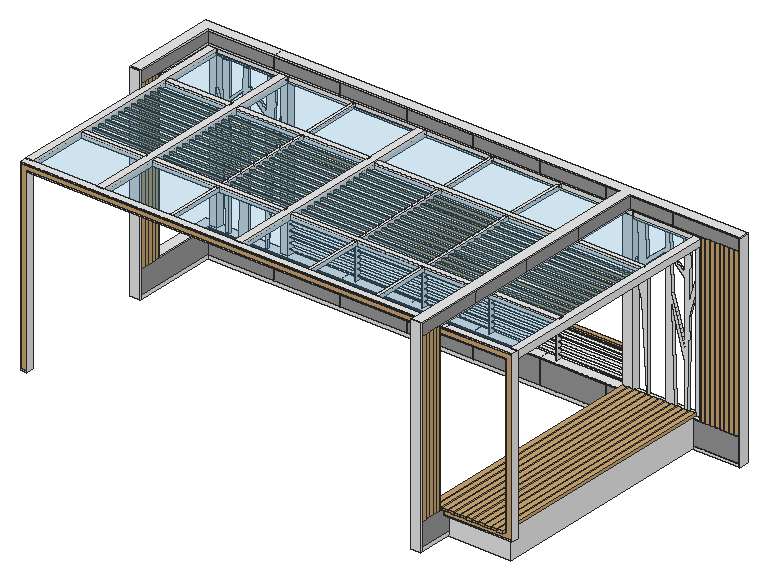
Revit family "L-FUR_퍼걸러_DWTH-01_데오스웍스", category 일반 모델, Revit 2019 (continued)
Definition of nested family "DWTH-01_base"
  Forms (mm)
    Extrusion 78, solid, detail levels coarse+medium
      sketch origin (-1609.275, -10316.376, 0) x (1, 0, 0) y (0, 1, 0)
        loop
          line (4939.278, 9131.376) -> (4939.278, 9101.376) -> (5884.279, 9101.376) -> (5884.279, 9131.376) -> (4939.278, 9131.376)
        loop
          line (4939.278, 9011.376) -> (4939.278, 8981.376) -> (5884.279, 8981.376) -> (5884.279, 9011.376) -> (4939.278, 9011.376)
        loop
          line (4939.278, 8891.376) -> (4939.278, 8861.376) -> (5884.279, 8861.376) -> (5884.279, 8891.376) -> (4939.278, 8891.376)
        loop
          line (4939.278, 8771.376) -> (4939.278, 8741.376) -> (5884.279, 8741.376) -> (5884.279, 8771.376) -> (4939.278, 8771.376)
        loop
          line (5884.279, 8651.376) -> (4939.278, 8651.376) -> (4939.278, 8621.376) -> (5884.279, 8621.376) -> (5884.279, 8651.376)
        loop
          line (4939.278, 8531.376) -> (4939.278, 8501.376) -> (5884.279, 8501.376) -> (5884.279, 8531.376) -> (4939.278, 8531.376)
        loop
          line (4939.278, 8411.376) -> (4939.278, 8381.376) -> (5884.279, 8381.376) -> (5884.279, 8411.376) -> (4939.278, 8411.376)
        loop
          line (4939.278, 8291.376) -> (4939.278, 8261.376) -> (5884.279, 8261.376) -> (5884.279, 8291.376) -> (4939.278, 8291.376)
        loop
          line (4939.278, 8171.376) -> (4939.278, 8141.376) -> (5884.279, 8141.376) -> (5884.279, 8171.376) -> (4939.278, 8171.376)
        loop
          line (4939.278, 8051.376) -> (4939.278, 8021.376) -> (5884.279, 8021.376) -> (5884.279, 8051.376) -> (4939.278, 8051.376)
        loop
          line (4939.278, 7931.376) -> (4939.278, 7901.376) -> (5884.279, 7901.376) -> (5884.279, 7931.376) -> (4939.278, 7931.376)
        loop
          line (5929.279, 9131.376) -> (5929.279, 9101.376) -> (6874.279, 9101.376) -> (6874.279, 9131.376) -> (5929.279, 9131.376)
        loop
          line (5929.279, 9011.376) -> (5929.279, 8981.376) -> (6874.279, 8981.376) -> (6874.279, 9011.376) -> (5929.279, 9011.376)
        loop
          line (5929.279, 8891.376) -> (5929.279, 8861.376) -> (6874.279, 8861.376) -> (6874.279, 8891.376) -> (5929.279, 8891.376)
        loop
          line (5929.279, 8771.376) -> (5929.279, 8741.376) -> (6874.279, 8741.376) -> (6874.279, 8771.376) -> (5929.279, 8771.376)
        loop
          line (6874.279, 8651.376) -> (5929.279, 8651.376) -> (5929.279, 8621.376) -> (6874.279, 8621.376) -> (6874.279, 8651.376)
        loop
          line (5929.279, 8531.376) -> (5929.279, 8501.376) -> (6874.279, 8501.376) -> (6874.279, 8531.376) -> (5929.279, 8531.376)
        loop
          line (5929.279, 8411.376) -> (5929.279, 8381.376) -> (6874.279, 8381.376) -> (6874.279, 8411.376) -> (5929.279, 8411.376)
        loop
          line (5929.279, 8291.376) -> (5929.279, 8261.376) -> (6874.279, 8261.376) -> (6874.279, 8291.376) -> (5929.279, 8291.376)
        loop
          line (5929.279, 8171.376) -> (5929.279, 8141.376) -> (6874.279, 8141.376) -> (6874.279, 8171.376) -> (5929.279, 8171.376)
        loop
          line (5929.279, 8051.376) -> (5929.279, 8021.376) -> (6874.279, 8021.376) -> (6874.279, 8051.376) -> (5929.279, 8051.376)
        loop
          line (5929.279, 7931.376) -> (5929.279, 7901.376) -> (6874.279, 7901.376) -> (6874.279, 7931.376) -> (5929.279, 7931.376)
        loop
          line (6919.279, 9131.376) -> (6919.279, 9101.376) -> (7914.274, 9101.376) -> (8909.275, 9101.376) -> (8909.275, 9131.376) -> (7914.274, 9131.376) -> (6919.279, 9131.376)
        loop
          line (6919.279, 9011.376) -> (6919.279, 8981.376) -> (7913.946, 8981.376) -> (8909.275, 8981.376) -> (8909.275, 9011.376) -> (7903.821, 9011.376) -> (6919.279, 9011.376)
        loop
          line (6919.279, 8891.376) -> (6919.279, 8861.376) -> (7914.274, 8861.376) -> (8909.275, 8861.376) -> (8909.275, 8891.376) -> (7914.274, 8891.376) -> (6919.279, 8891.376)
        loop
          line (6919.279, 8771.376) -> (6919.279, 8741.376) -> (7882.765, 8741.376) -> (8909.275, 8741.376) -> (8909.275, 8771.376) -> (7870.616, 8771.376) -> (6919.279, 8771.376)
        loop
          line (7868.591, 8651.376) -> (6919.279, 8651.376) -> (6919.279, 8621.376) -> (7862.516, 8621.376) -> (8909.275, 8621.376) -> (8909.275, 8651.376) -> (7868.591, 8651.376)
        loop
          line (6919.279, 8531.376) -> (6919.279, 8501.376) -> (7907.871, 8501.376) -> (8909.275, 8501.376) -> (8909.275, 8531.376) -> (7868.591, 8531.376) -> (6919.279, 8531.376)
        loop
          line (6919.279, 8411.376) -> (6919.279, 8381.376) -> (7914.274, 8381.376) -> (8909.275, 8381.376) -> (8909.275, 8411.376) -> (7914.274, 8411.376) -> (6919.279, 8411.376)
        loop
          line (6919.279, 8291.376) -> (6919.279, 8261.376) -> (7880.74, 8261.376) -> (8909.275, 8261.376) -> (8909.275, 8291.376) -> (7884.79, 8291.376) -> (6919.279, 8291.376)
        loop
          line (6919.279, 8171.376) -> (6919.279, 8141.376) -> (7856.442, 8141.376) -> (8909.275, 8141.376) -> (8909.275, 8171.376) -> (7860.491, 8171.376) -> (6919.279, 8171.376)
        loop
          line (6919.279, 8051.376) -> (6919.279, 8021.376) -> (7878.715, 8021.376) -> (8909.275, 8021.376) -> (8909.275, 8051.376) -> (7872.641, 8051.376) -> (6919.279, 8051.376)
        loop
          line (6919.279, 7931.376) -> (6919.279, 7901.376) -> (7939.381, 7901.376) -> (8909.275, 7901.376) -> (8909.275, 7931.376) -> (7914.274, 7931.376) -> (6919.279, 7931.376)
      from 2730 to 2760
    Extrusion 79, solid, detail levels coarse+medium
      sketch origin (-1609.275, -10316.376, 0) x (1, 0, 0) y (0, 1, 0)
        loop
          line (3849.277, 10216.376) -> (3849.277, 9326.376) -> (3894.277, 9326.376) -> (3894.277, 10216.376) -> (3849.277, 10216.376)
        loop
          line (3849.277, 9251.376) -> (3849.277, 7781.376) -> (3894.277, 7781.376) -> (3894.277, 9251.376) -> (3849.277, 9251.376)
        loop
          line (3849.277, 7706.376) -> (3849.277, 6816.376) -> (3894.277, 6816.376) -> (3894.277, 7706.376) -> (3849.277, 7706.376)
        loop
          line (5884.279, 10216.376) -> (5884.279, 9326.376) -> (5929.279, 9326.376) -> (5929.279, 10216.376) -> (5884.279, 10216.376)
        loop
          line (5884.279, 9251.376) -> (5884.279, 7781.376) -> (5929.279, 7781.376) -> (5929.279, 9251.376) -> (5884.279, 9251.376)
        loop
          line (5884.279, 7706.376) -> (5884.279, 6816.376) -> (5929.279, 6816.376) -> (5929.279, 7706.376) -> (5884.279, 7706.376)
        loop
          line (6874.279, 10216.376) -> (6874.279, 9326.376) -> (6919.279, 9326.376) -> (6919.279, 10216.376) -> (6874.279, 10216.376)
        loop
          line (6874.279, 9251.376) -> (6874.279, 7781.376) -> (6919.279, 7781.376) -> (6919.279, 9251.376) -> (6874.279, 9251.376)
        loop
          line (6874.279, 7706.376) -> (6874.279, 6816.376) -> (6919.279, 6816.376) -> (6919.279, 7706.376) -> (6874.279, 7706.376)
      from 2720 to 2770
    Extrusion 80, solid, detail levels coarse+medium
      sketch origin (-1609.275, -10366.376, 0) x (1, 0, 0) y (0, 0, 1)
        loop
          line (8999.275, 2790) -> (8007.601, 2790) -> (1769.275, 2790) -> (1769.275, 60) -> (1849.275, 60) -> (1849.275, 2710) -> (8006.781, 2710) -> (8919.275, 2710) -> (8919.275, 410) -> (7999.275, 410) -> (7999.275, 330) -> (8999.275, 330) -> (8999.275, 2790)
      from -6866.376 to -6766.376
    Extrusion 81, solid, detail levels coarse+medium
      sketch origin (-1609.275, -10366.376, 0) x (1, 0, 0) y (0, 0, 1)
        loop
          line (1849.275, 60) -> (1849.275, 2710) -> (8006.781, 2710) -> (8919.275, 2710) -> (8919.275, 410) -> (7999.275, 410) -> (7999.275, 330) -> (8999.275, 330) -> (8999.275, 2790) -> (8007.601, 2790) -> (1769.275, 2790) -> (1769.275, 60) -> (1849.275, 60)
        loop
          line (8017.781, 2700) -> (8909.275, 2700) -> (8909.275, 450) -> (8909.275, 420) -> (7989.275, 420) -> (7989.275, 320) -> (9009.275, 320) -> (9009.275, 2800) -> (8019.067, 2800) -> (1759.275, 2800) -> (1759.275, 50) -> (1859.275, 50) -> (1859.275, 2700) -> (8017.781, 2700)
      from -6866.376 to -6766.376
    Extrusion 82, solid, detail levels coarse+medium
      sketch origin (-1609.275, -10366.376, 0) x (1, 0, 0) y (0, 0, 1)
        loop
          line (2804.275, 2022.738) -> (2804.275, 2230.402) -> (2704.43, 1936.04) -> (2747.484, 2700) -> (2622.809, 2700) -> (2605.161, 2230.845) -> (2333.523, 2455.294) -> (2333.523, 2700) -> (2264.054, 2700) -> (2254.593, 2397.093) -> (2054.262, 2218.476) -> (2056.398, 2700) -> (1963.85, 2700) -> (1975.3, 1899.666) -> (1859.275, 2281.536) -> (1859.275, 2095.215) -> (1978.555, 1672.126) -> (1997.899, 420.037) -> (2002.428, 420) -> (2045.839, 420) -> (2049.089, 1052.566) -> (2233.87, 1733.628) -> (2189.717, 420) -> (2333.523, 420) -> (2333.523, 2400.834) -> (2601.869, 2143.325) -> (2595.761, 1980.949) -> (2595.761, 420) -> (2613.356, 420) -> (2687.879, 1642.36) -> (2804.275, 2022.738)
        loop
          line (2238.845, 1892.889) -> (2253.465, 2360.968) -> (2053.982, 2155.362) -> (2049.932, 1242.544) -> (2238.845, 1892.889)
      from -10281.278 to -10250.343
    Extrusion 83, solid, detail levels coarse+medium
      sketch origin (-1609.275, -10366.376, 0) x (1, 0, 0) y (0, 1, 0)
        loop
          line (1759.275, 10366.376) -> (1759.275, 10266.376) -> (1859.275, 10266.376) -> (1859.275, 10366.376) -> (1759.275, 10366.376)
      from 420 to 2830
    Extrusion 84, solid, detail levels coarse+medium
      sketch origin (5540.725, -10366.376, 0) x (1, 0, 0) y (0, 1, 0)
        loop
          line (1759.275, 10366.376) -> (1759.275, 10266.376) -> (1859.275, 10266.376) -> (1859.275, 10366.376) -> (1759.275, 10366.376)
      from 420 to 2830
    Extrusion 85, solid, detail levels coarse+medium
      sketch origin (4490.725, -10366.376, 0) x (1, 0, 0) y (0, 1, 0)
        loop
          line (1739.275, 10366.376) -> (1739.275, 10266.376) -> (1889.275, 10266.376) -> (1889.275, 10366.376) -> (1739.275, 10366.376)
      from 420 to 2830
    Extrusion 86, solid, detail levels coarse+medium
      sketch origin (-1609.275, -10366.376, 0) x (1, 0, 0) y (0, 0, 1)
        loop
          line (2904.276, 920) -> (2904.276, 910) -> (3886.275, 910) -> (3886.275, 420) -> (3896.275, 420) -> (3896.275, 910) -> (4873.276, 910) -> (4873.276, 420) -> (4883.276, 420) -> (4883.276, 910) -> (5860.277, 910) -> (5860.277, 420) -> (5870.277, 420) -> (5870.277, 910) -> (6847.277, 910) -> (6847.277, 420) -> (6857.277, 420) -> (6857.277, 910) -> (7839.275, 910) -> (7839.275, 920) -> (2904.276, 920)
      from -10356.376 to -10276.376
    Extrusion 87, solid, detail levels coarse+medium
      sketch origin (-1609.275, -10366.376, 0) x (1, 0, 0) y (0, 0, 1)
        loop
          line (2904.275, 832.5) -> (2904.275, 827.5) -> (3886.275, 827.5) -> (3886.275, 832.5) -> (2904.275, 832.5)
        loop
          line (2904.275, 750) -> (2904.275, 745) -> (3886.275, 745) -> (3886.275, 750) -> (2904.275, 750)
        loop
          line (2904.275, 667.5) -> (2904.275, 662.5) -> (3886.275, 662.5) -> (3886.275, 667.5) -> (2904.275, 667.5)
        loop
          line (2904.275, 585) -> (2904.275, 580) -> (3886.275, 580) -> (3886.275, 585) -> (2904.275, 585)
        loop
          line (2904.275, 502.5) -> (2904.275, 497.5) -> (3886.275, 497.5) -> (3886.275, 502.5) -> (2904.275, 502.5)
        loop
          line (3896.275, 832.5) -> (3896.275, 827.5) -> (4873.276, 827.5) -> (4873.276, 832.5) -> (3896.275, 832.5)
        loop
          line (3896.275, 750) -> (3896.275, 745) -> (4873.276, 745) -> (4873.276, 750) -> (3896.275, 750)
        loop
          line (3896.275, 667.5) -> (3896.275, 662.5) -> (4873.276, 662.5) -> (4873.276, 667.5) -> (3896.275, 667.5)
        loop
          line (3896.275, 585) -> (3896.275, 580) -> (4873.276, 580) -> (4873.276, 585) -> (3896.275, 585)
        loop
          line (3896.275, 502.5) -> (3896.275, 497.5) -> (4873.276, 497.5) -> (4873.276, 502.5) -> (3896.275, 502.5)
        loop
          line (4883.276, 832.5) -> (4883.276, 827.5) -> (5860.277, 827.5) -> (5860.277, 832.5) -> (4883.276, 832.5)
        loop
          line (4883.276, 750) -> (4883.276, 745) -> (5860.277, 745) -> (5860.277, 750) -> (4883.276, 750)
        loop
          line (4883.276, 667.5) -> (4883.276, 662.5) -> (5860.277, 662.5) -> (5860.277, 667.5) -> (4883.276, 667.5)
        loop
          line (4883.276, 585) -> (4883.276, 580) -> (5860.277, 580) -> (5860.277, 585) -> (4883.276, 585)
        loop
          line (4883.276, 502.5) -> (4883.276, 497.5) -> (5860.277, 497.5) -> (5860.277, 502.5) -> (4883.276, 502.5)
        loop
          line (5870.277, 832.5) -> (5870.277, 827.5) -> (6847.277, 827.5) -> (6847.277, 832.5) -> (5870.277, 832.5)
        loop
          line (5870.277, 750) -> (5870.277, 745) -> (6847.277, 745) -> (6847.277, 750) -> (5870.277, 750)
        loop
          line (5870.277, 667.5) -> (5870.277, 662.5) -> (6847.277, 662.5) -> (6847.277, 667.5) -> (5870.277, 667.5)
        loop
          line (5870.277, 585) -> (5870.277, 580) -> (6847.277, 580) -> (6847.277, 585) -> (5870.277, 585)
        loop
          line (5870.277, 502.5) -> (5870.277, 497.5) -> (6847.277, 497.5) -> (6847.277, 502.5) -> (5870.277, 502.5)
        loop
          line (6857.277, 832.5) -> (6857.277, 827.5) -> (7839.275, 827.5) -> (7839.275, 832.5) -> (6857.277, 832.5)
        loop
          line (6857.277, 750) -> (6857.277, 745) -> (7839.275, 745) -> (7839.275, 750) -> (6857.277, 750)
        loop
          line (6857.277, 667.5) -> (6857.277, 662.5) -> (7839.275, 662.5) -> (7839.275, 667.5) -> (6857.277, 667.5)
        loop
          line (6857.277, 585) -> (6857.277, 580) -> (7839.275, 580) -> (7839.275, 585) -> (6857.277, 585)
        loop
          line (6857.277, 502.5) -> (6857.277, 497.5) -> (7839.275, 497.5) -> (7839.275, 502.5) -> (6857.277, 502.5)
      from -10345.862 to -10289.805
    Extrusion 88, solid, detail levels coarse+medium
      sketch origin (-1609.275, -10366.376, 0) x (1, 0, 0) y (0, 0, 1)
        loop
          line (2904.275, 940) -> (2904.275, 920) -> (7839.275, 920) -> (7839.275, 940) -> (2904.275, 940)
      from -10356.376 to -10276.376
    Extrusion 89, solid, detail levels coarse+medium
      sketch origin (9164.275, -10315.81, 0) x (-1, 0, 0) y (0, 0, -1)
        loop
          line (2804.275, -2022.738) -> (2687.879, -1642.36) -> (2613.356, -420) -> (2595.761, -420) -> (2595.761, -1980.949) -> (2601.869, -2143.325) -> (2333.523, -2400.834) -> (2333.523, -420) -> (2189.717, -420) -> (2233.87, -1733.628) -> (2049.089, -1052.566) -> (2045.839, -420) -> (2002.428, -420) -> (1997.899, -420.037) -> (1978.555, -1672.126) -> (1859.275, -2095.215) -> (1859.275, -2281.536) -> (1975.3, -1899.666) -> (1963.85, -2700) -> (2056.398, -2700) -> (2054.262, -2218.476) -> (2254.593, -2397.093) -> (2264.054, -2700) -> (2333.523, -2700) -> (2333.523, -2455.294) -> (2605.161, -2230.845) -> (2622.809, -2700) -> (2747.484, -2700) -> (2704.43, -1936.04) -> (2804.275, -2230.402) -> (2804.275, -2022.738)
        loop
          line (2238.845, -1892.889) -> (2049.932, -1242.544) -> (2053.982, -2155.362) -> (2253.465, -2360.968) -> (2238.845, -1892.889)
      from -10281.278 to -10250.343
    Extrusion 90, solid, detail levels coarse+medium
      sketch origin (-14614.081, -10366.376, 0) x (1, 0, 0) y (0, 1, 0)
        loop
          line (21339.081, 10266.376) -> (20844.081, 10266.376) -> (20844.081, 6716.376) -> (21379.081, 6716.376) -> (21914.081, 6716.376) -> (21914.081, 10266.376) -> (21339.081, 10266.376)
      from 420 to 450
    Extrusion 91, solid, detail levels coarse+medium
      sketch origin (-1609.275, -10366.376, 0) x (1, 0, 0) y (0, 0, 1)
        loop
          line (8909.275, 0) -> (8909.275, 420) -> (7989.275, 420) -> (7989.275, 0) -> (8909.275, 0)
      from -10216.376 to -6866.376
    Extrusion 92, solid, detail levels coarse+medium
      sketch origin (-1609.275, -10366.376, 0) x (1, 0, 0) y (0, 1, 0)
        loop
          line (2804.275, 9376.376) -> (2804.275, 10216.376) -> (1859.275, 10216.376) -> (1859.275, 9376.376) -> (2804.275, 9376.376)
        loop
          line (1859.275, 9301.376) -> (1859.275, 7831.376) -> (2804.275, 7831.376) -> (2804.275, 9301.376) -> (1859.275, 9301.376)
        loop
          line (1859.275, 7756.376) -> (1859.275, 6866.376) -> (2804.275, 6866.376) -> (2804.275, 7756.376) -> (1859.275, 7756.376)
        loop
          line (3849.275, 9376.376) -> (3849.275, 10216.376) -> (2904.275, 10216.376) -> (2904.275, 9376.376) -> (3849.275, 9376.376)
        loop
          line (2904.275, 9301.376) -> (2904.275, 7831.376) -> (3849.275, 7831.376) -> (3849.275, 9301.376) -> (2904.275, 9301.376)
        loop
          line (2904.275, 7756.376) -> (2904.275, 6866.376) -> (3849.275, 6866.376) -> (3849.275, 7756.376) -> (2904.275, 7756.376)
        loop
          line (4839.277, 9376.376) -> (4839.277, 10216.376) -> (3894.277, 10216.376) -> (3894.277, 9376.376) -> (4839.277, 9376.376)
        loop
          line (3894.277, 9301.376) -> (3894.277, 7831.376) -> (4839.277, 7831.376) -> (4839.277, 9301.376) -> (3894.277, 9301.376)
        loop
          line (3894.277, 7756.376) -> (3894.277, 6866.376) -> (4839.277, 6866.376) -> (4839.277, 7756.376) -> (3894.277, 7756.376)
        loop
          line (5884.279, 9376.376) -> (5884.279, 10216.376) -> (4939.278, 10216.376) -> (4939.278, 9376.376) -> (5884.279, 9376.376)
        loop
          line (4939.278, 9301.376) -> (4939.278, 7831.376) -> (5884.279, 7831.376) -> (5884.279, 9301.376) -> (4939.278, 9301.376)
        loop
          line (4939.278, 7756.376) -> (4939.278, 6866.376) -> (5884.279, 6866.376) -> (5884.279, 7756.376) -> (4939.278, 7756.376)
        loop
          line (6874.279, 9376.376) -> (6874.279, 10216.376) -> (5929.279, 10216.376) -> (5929.279, 9376.376) -> (6874.279, 9376.376)
        loop
          line (5929.279, 9301.376) -> (5929.279, 7831.376) -> (6874.279, 7831.376) -> (6874.279, 9301.376) -> (5929.279, 9301.376)
        loop
          line (5929.279, 7756.376) -> (5929.279, 6866.376) -> (6874.279, 6866.376) -> (6874.279, 7756.376) -> (5929.279, 7756.376)
        loop
          line (7876.472, 9376.376) -> (8909.275, 9376.376) -> (8909.275, 10216.376) -> (7935.054, 10216.376) -> (6919.279, 10216.376) -> (6919.279, 9376.376) -> (7876.472, 9376.376)
        loop
          line (6919.279, 9301.376) -> (6919.279, 7831.376) -> (7914.274, 7831.376) -> (8909.275, 7831.376) -> (8909.275, 9301.376) -> (7956.476, 9301.376) -> (6919.279, 9301.376)
        loop
          line (6919.279, 7756.376) -> (6919.279, 6866.376) -> (7959.467, 6866.376) -> (8909.275, 6866.376) -> (8909.275, 7756.376) -> (7972.856, 7756.376) -> (6919.279, 7756.376)
      from 2760 to 2765
  Dimensions and locks
    aligned and locked: level to plane 2
